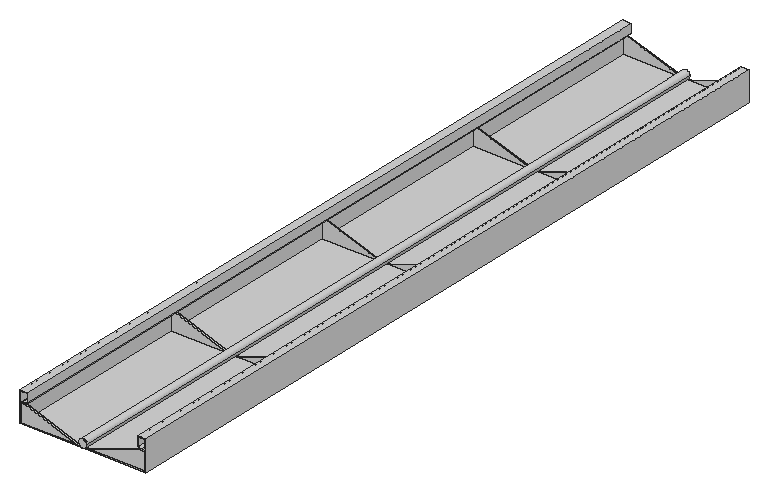
Revit family "LGW_LGW HINGED INS CORNER 2,4_1923510", category Generic Models, Revit 2018
Family settings
  Can host rebar = No
  Round Connector Dimension = Use Diameter
  Part Type = Normal
  OmniClass Number = 35.51.14.00
  OmniClass Title = FORMWORK
  Work Plane-Based = Yes
  Always vertical = No
  Cut with Voids When Loaded = No
  Shared = Yes
  Room Calculation Point = No
Parameters
  VERSION = "20190101"  # constant formula
  URL = "www.ulmaconstruction.com/en"
  UNICLASS = ""
  REAL ANGLE [instance] = if(ANGLE < 51.00°, 51.00°, if(ANGLE < 245.00°, ANGLE, 245.00°))  # 180.00°
  ITEM_CODE = "1923510"
  Manufacturer = "ULMA CONSTRUCTION"  # constant formula
  INSERTION PLANE POSITION [instance] = if(26.207 mm - INSERTION PLANE CALCULATION < 0.000 mm, 0.000 mm, 26.207 mm - INSERTION PLANE CALCULATION)  # 26.207 mm
  INSERTION PLANE CALCULATION [instance] = if(REAL ANGLE = 180.00°, 0.000 mm, (12.500 mm * sin(90.00° - REAL ANGLE) + 12.500 mm) * tan(90.00° - REAL ANGLE) + 12.500 mm * cos(90.00° - REAL ANGLE))  # 0.000 mm
  FILTER [instance] = ""
  Default Elevation = 0.000 mm
  CLASSIFICATION_TITLE = ""
  CLASSIFICATION_NUMBER = ""
  ANGLE [instance] = 180.00°
Reference planes
  plane 1 "Centro (Frontal/Posterior)": y = 0
  plane 2: z = 0
  plane 3 "Centro (Izquierda/Derecha)": x = 0
  plane 4 "ITEM_HEIGHT": y = 2400
  plane 5 "CENTER": z = 12.5
  plane 6 "INSERTION PLANE": x = 0
  plane 7 "INSERTION PLANE BASE": x = 26.207
Lines and regions (mm)
  reference lines
    curve 1: line (0, 0, 12.5) -> (311.15, 0, 12.5)
Dimensions and locks
  locked: plane 1 "Centro (Frontal/Posterior)" to plane 4 "ITEM_HEIGHT" at 2400
  locked: plane 7 "INSERTION PLANE BASE" to plane 3 "Centro (Izquierda/Derecha)" at 26.207
  "INSERTION PLANE POSITION": plane 7 "INSERTION PLANE BASE" to plane 6 "INSERTION PLANE"
  "REAL ANGLE": angle curve 1 to plane 5 "CENTER"
  aligned and locked: level to plane 2
  aligned and locked: plane 3 "Centro (Izquierda/Derecha)" to curve 1
  aligned and locked: plane 5 "CENTER" to curve 1
  aligned and locked: plane 4 "ITEM_HEIGHT" to nested 2
Nested families
  nested 1: "MEDIA ESCUADRA 2400 - 1923518_PANELS" at (0, 0, 0), type "MEDIA ESCUADRA 2400 - 1923518_PANELS"
    with FILTER ""
  nested 2: "MEDIA ESCUADRA 2400 - 1923518_PANELS" at (0, 2400, 0) x (-1, 0, 0) z (0, 0, 1), type "MEDIA ESCUADRA 2400 - 1923518_PANELS"
    with FILTER ""
Definition of nested family "MEDIA ESCUADRA 2400 - 1923518_PANELS"
  Parameters (values of type "MEDIA ESCUADRA 2400 - 1923518_PANELS")
    VERSION = "20190101"  # constant formula
    URL = "www.ulmaconstruction.com/en"
    UNICLASS = ""
    Manufacturer = "ULMA CONSTRUCTION"  # constant formula
    FILTER [instance] = ""
    Default Elevation = 0.000 mm
    CLASSIFICATION_TITLE = ""
    CLASSIFICATION_NUMBER = ""
  Reference planes
    plane 1 "Centro (Frontal/Posterior)": y = 0
    plane 2: z = 0
    plane 3 "Centro (Izquierda/Derecha)": x = 0
  Forms (mm)
    Extrusion 1, solid, detail levels fine
      sketch origin (0, 0, 0) x (1, 0, 0) y (0, 0, 1)
        loop
          line (-200, 96.5) -> (-200, 0) -> (-8, 0) -> (-8, 2.5) -> (-197.5, 2.5) -> (-197.5, 59) -> (-184, 59) -> (-175, 68) -> (-175, 96.5) -> (-200, 96.5)
        loop
          line (-177.5, 94) -> (-197.5, 94) -> (-197.5, 61.5) -> (-185.036, 61.5) -> (-177.5, 69.036) -> (-177.5, 94)
      from -2400 to 0
    Extrusion 2, solid, detail levels fine
      sketch origin (0, 0, 0) x (1, 0, 0) y (0, 0, 1)
        loop
          line (-12.5, 2.5) -> (-184, 59) -> (-197.5, 59) -> (-197.5, 2.5) -> (-12.5, 2.5)
      from -4 to 0
    Extrusion 3, solid, detail levels fine
      sketch origin (0, 205, 0) x (1, 0, 0) y (0, 0, 1)
        loop
          line (-12.5, 2.5) -> (-184, 59) -> (-197.5, 59) -> (-197.5, 2.5) -> (-12.5, 2.5)
      from -397 to -393
    Extrusion 4, solid, detail levels fine
      sketch origin (0, 1165, 0) x (1, 0, 0) y (0, 0, 1)
        loop
          line (-12.5, 2.5) -> (-184, 59) -> (-197.5, 59) -> (-197.5, 2.5) -> (-12.5, 2.5)
      from -37 to -33
    Extrusion 5, solid, detail levels fine
      sketch origin (0, 1745, 0) x (1, 0, 0) y (0, 0, 1)
        loop
          line (-12.5, 2.5) -> (-184, 59) -> (-197.5, 59) -> (-197.5, 2.5) -> (-12.5, 2.5)
      from -57 to -53
    Extrusion 6, solid, detail levels fine
      sketch origin (0, 2345, 0) x (1, 0, 0) y (0, 0, 1)
        loop
          line (-12.5, 2.5) -> (-184, 59) -> (-197.5, 59) -> (-197.5, 2.5) -> (-12.5, 2.5)
      from -55 to -51
    Extrusion 7, solid
      sketch origin (0, 0, 0) x (1, 0, 0) y (0, 0, 1)
        loop
          circle (0, 12.5) r 12.5
      from -2400 to 0
    Extrusion 8, solid, detail levels coarse+medium
      sketch origin (0, 0, 0) x (1, 0, 0) y (0, 0, 1)
        loop
          line (-200, 96.5) -> (-200, 0) -> (-8, 0) -> (-175, 55.983) -> (-175, 96.5) -> (-200, 96.5)
      from -2400 to 0
  Lines and regions (mm)
    model lines, detail levels fine
      curve 1: circle (-162.5, 0, 27.5) r 10 normal (0, -1, 0)
      curve 2: circle (-162.5, 598, 27.5) r 10 normal (0, -1, 0)
      curve 3: circle (-162.5, 1198, 27.5) r 10 normal (0, -1, 0)
      curve 4: circle (-162.5, 1798, 27.5) r 10 normal (0, -1, 0)
      curve 5: circle (-162.5, 2396, 27.5) r 10 normal (0, -1, 0)
      curve 6: circle (-162.5, 4, 27.5) r 10 normal (0, -1, 0)
      curve 7: circle (-162.5, 602, 27.5) r 10 normal (0, -1, 0)
      curve 8: circle (-162.5, 1202, 27.5) r 10 normal (0, -1, 0)
      curve 9: circle (-162.5, 1802, 27.5) r 10 normal (0, -1, 0)
      curve 10: circle (-162.5, 2400, 27.5) r 10 normal (0, -1, 0)
      curve 11: circle (-197.5, 1950, 42) r 10 normal (1, 0, 0)
      curve 12: circle (-197.5, 1450, 42) r 10 normal (1, 0, 0)
      curve 13: circle (-197.5, 950, 42) r 10 normal (1, 0, 0)
      curve 14: circle (-197.5, 450, 42) r 10 normal (1, 0, 0)
      curve 15: circle (-200, 1950, 42) r 10 normal (1, 0, 0)
      curve 16: circle (-200, 1450, 42) r 10 normal (1, 0, 0)
      curve 17: circle (-200, 950, 42) r 10 normal (1, 0, 0)
      curve 18: circle (-200, 450, 42) r 10 normal (1, 0, 0)
  Dimensions and locks
    aligned and locked: level to plane 2
